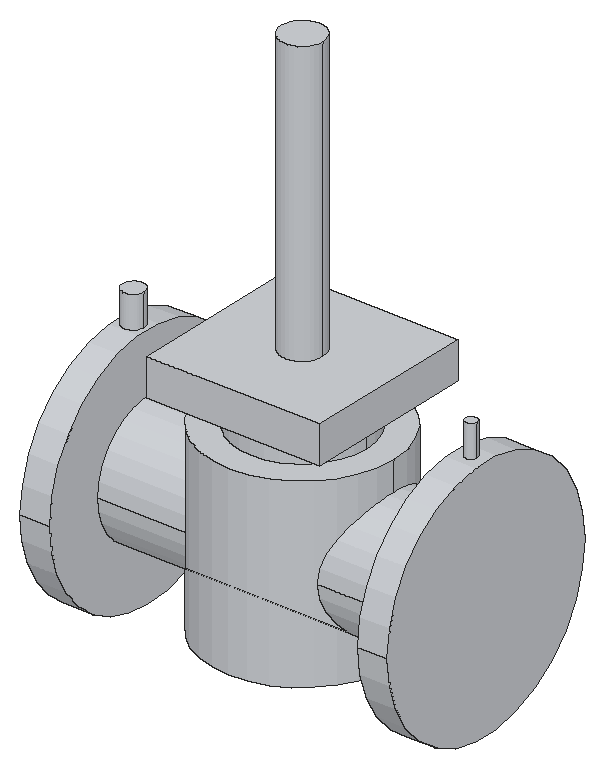
Revit family "OPTIMA_Compact_FLANGE_PN16_DN100-LF_RFA_2019", category Pipe Accessories, Revit 2019
Family settings
  Round Connector Dimension = Use Diameter
  Part Type = Valve - Breaks Into
  Work Plane-Based = No
  Always vertical = Yes
  Cut with Voids When Loaded = No
  Shared = No
Parameters (values of type "Optima Compact Flange PN16 DN100 LF")
  magiProductId = "Frese Optima Flange DN100 LF"
  magiProductFamilyId = "Frese Optima Flange *"
  magiPartTypeId = 304
  isMeasuringValve [instance] = no
  ang2D [instance] = 0.00°
  W2D = 50 mm
  VersionID = "2.0/2018.8.28.1/FRESE_OPTIMA_FLANGE_Q13_002"
  Use Minimum Symbol Size [instance] = yes
  URL = "www.hydronic.cz"
  Type Comments = "Přírubový; PN16; 0~120°C, s měřením"
  R4 = 61.25 mm
  R3 = 61.1 mm
  R1 = 87.5 mm
  QmdConnectorList = "301;D;302;D"
  Productdata [instance] = ""
  Manufacturer = "Hydronic Systems Prague s.r.o."
  MC Product Code = "53-1203 (DN100 LF; 40mm; pohon min 1000N; Qmin-dpmin 12100l/h-20.0kPa; Qmax-dpmin 68000l/h-35.0kPa; dpmax 800kPa)"
  MC Piping Given Pressure Drop [instance] = 0.0 Pa
  LF__ve = -LF  # -28 mm
  LF2 = 14 mm
  LF = 28 mm
  L4 = 164.5 mm
  L3 = 294 mm
  L2D_Min = 3048 mm
  L2D = 230 mm
  L2 = 175 mm
  H6 = 268.75 mm
  H4 = 35.25 mm
  H3 = 29.375 mm
  H2 = 88.125 mm
  H1 = 176.25 mm
  Description = "Tlakově nezávislý 2-cestný regulační vyvažovací ventil (PICV)"
  DF2 = 117.5 mm
  D = 100 mm
  CAT0 = yes
Types (14, lengths in mm): name | magiProductId | magiProductFamilyId | W2D | Type Comments | R4 | R3 | R1 | MC Product Code | LF__ve | LF2 | LF | L4 | L3 | L2D | L2 | H6 | H4 | H3 | H2 | H1 | DF2 | D
  Optima Compact Flange PN16 DN050 LF | "Frese Optima Flange DN050 LF" | "Frese Optima Flange *" | 50 | "Přírubový; PN16; 0~120°C, s měřením" | 40.3 | 42.9 | 57.5 | "53-1200 (DN50 LF; 20mm; pohon min 1000N; Qmin-dpmin 2500l/h-6.5kPa; Qmax-dpmin 15000l/h-20.0kPa; dpmax 800kPa)" | -18.4 | 9.2 | 18.4 | 108.1 | 193.2 | 230 | 115 | 157.3 | 24.8 | 20.6 | 61.9 | 123.8 | 82.5 | 50
  Optima Compact Flange PN16 DN050 HF | "Frese Optima Flange DN050 HF" | "Frese Optima Flange *" | 50 | "Přírubový; PN16; 0~120°C, s měřením" | 40.25 | 42.9 | 57.5 | "53-1210 (DN50 HF; 20mm; pohon min 1000N; Qmin-dpmin 3900l/h-19.0kPa; Qmax-dpmin 24000l/h-50.0kPa; dpmax 800kPa)" | -18.4 | 9.2 | 18.4 | 108.1 | 193.2 | 230 | 115 | 157.25 | 24.75 | 20.625 | 61.875 | 123.75 | 82.5 | 50
  Optima Compact Flange PN16 DN065 LF | "Frese Optima Flange DN065 LF" | "Frese Optima Flange *" | 50 | "Přírubový; PN16; 0~120°C, s měřením" | 50.75 | 48.1 | 72.5 | "53-1201 (DN65 LF; 20mm; pohon min 1000N; Qmin-dpmin 4400l/h-15.0kPa; Qmax-dpmin 25000l/h-25.0kPa; dpmax 800kPa)" | -23.2 | 11.6 | 23.2 | 136.3 | 243.6 | 230 | 145 | 171.25 | 27.75 | 23.125 | 69.375 | 138.75 | 92.5 | 65
  Optima Compact Flange PN16 DN065 HF | "Frese Optima Flange DN065 HF" | "Frese Optima Flange *" | 50 | "Přírubový; PN16; 0~120°C, s měřením" | 50.75 | 48.1 | 72.5 | "53-1211 (DN65 HF; 20mm; pohon min 1000N; Qmin-dpmin 6000l/h-30.0kPa; Qmax-dpmin 35000l/h-55.0kPa; dpmax 800kPa)" | -23.2 | 11.6 | 23.2 | 136.3 | 243.6 | 230 | 145 | 171.25 | 27.75 | 23.125 | 69.375 | 138.75 | 92.5 | 65
  Optima Compact Flange PN16 DN080 LF | "Frese Optima Flange DN080 LF" | "Frese Optima Flange *" | 50 | "Přírubový; PN16; 0~120°C, s měřením" | 54.25 | 52 | 77.5 | "53-1202 (DN80 LF; 20mm; pohon min 1000N; Qmin-dpmin 5300l/h-16.0kPa; Qmax-dpmin 34000l/h-25.0kPa; dpmax 800kPa)" | -24.8 | 12.4 | 24.8 | 145.7 | 260.4 | 230 | 155 | 183 | 30 | 25 | 75 | 150 | 100 | 80
  Optima Compact Flange PN16 DN080 HF | "Frese Optima Flange DN080 HF" | "Frese Optima Flange *" | 50 | "Přírubový; PN16; 0~120°C, s měřením" | 54.25 | 52 | 77.5 | "53-1212 (DN80 HF; 20mm; pohon min 1000N; Qmin-dpmin 7000l/h-23.0kPa; Qmax-dpmin 43000l/h-50.0kPa; dpmax 800kPa)" | -24.8 | 12.4 | 24.8 | 145.7 | 260.4 | 230 | 155 | 183 | 30 | 25 | 75 | 150 | 100 | 80
  Optima Compact Flange PN16 DN100 LF | "Frese Optima Flange DN100 LF" | "Frese Optima Flange *" | 50 | "Přírubový; PN16; 0~120°C, s měřením" | 61.25 | 61.1 | 87.5 | "53-1203 (DN100 LF; 40mm; pohon min 1000N; Qmin-dpmin 12100l/h-20.0kPa; Qmax-dpmin 68000l/h-35.0kPa; dpmax 800kPa)" | -28 | 14 | 28 | 164.5 | 294 | 230 | 175 | 268.75 | 35.25 | 29.375 | 88.125 | 176.25 | 117.5 | 100
  Optima Compact Flange PN16 DN100 HF | "Frese Optima Flange DN100 HF" | "Frese Optima Flange *" | 50 | "Přírubový; PN16; 0~120°C, s měřením" | 61.25 | 61.1 | 87.5 | "53-1213 (DN100 HF; 40mm; pohon min 1000N; Qmin-dpmin 14800l/h-30.0kPa; Qmax-dpmin 90000l/h-75.0kPa; dpmax 800kPa)" | -28 | 14 | 28 | 164.5 | 294 | 230 | 175 | 268.75 | 35.25 | 29.375 | 88.125 | 176.25 | 117.5 | 100
  Optima Compact Flange PN16 DN125 LF | "Frese Optima Flange DN125 LF" | "Frese Optima Flange *" | 50 | "Přírubový; PN16; 0~120°C, s měřením" | 70 | 70.2 | 100 | "53-1204 (DN125 LF; 40mm; pohon min 1000N; Qmin-dpmin 18500l/h-16.0kPa; Qmax-dpmin 110000l/h-35.0kPa; dpmax 800kPa)" | -32 | 16 | 32 | 188 | 336 | 230 | 200 | 275.5 | 40.5 | 33.75 | 101.25 | 202.5 | 135 | 125
  Optima Compact Flange PN16 DN125 HF | "Frese Optima Flange DN125 HF" | "Frese Optima Flange *" | 50 | "Přírubový; PN16; 0~120°C, s měřením" | 70 | 70.2 | 100 | "53-1214 (DN125 HF; 40mm; pohon min 1000N; Qmin-dpmin 23000l/h-27.0kPa; Qmax-dpmin 135000l/h-53.0kPa; dpmax 800kPa)" | -32 | 16 | 32 | 188 | 336 | 230 | 200 | 275.5 | 40.5 | 33.75 | 101.25 | 202.5 | 135 | 125
  Optima Compact Flange PN16 DN150 LF | "Frese Optima Flange DN150 LF" | "Frese Optima Flange *" | 50 | "Přírubový; PN16; 0~110°C, s měřením" | 84 | 74.1 | 120 | "53-1205 (DN150 LF; 43mm; pohon min 1500N; Qmin-dpmin 25600l/h-21.0kPa; Qmax-dpmin 148000l/h-35.0kPa; dpmax 800kPa)" | -38.4 | 19.2 | 38.4 | 225.6 | 403.2 | 230 | 240 | 279.25 | 42.75 | 35.625 | 106.875 | 213.75 | 142.5 | 150
  Optima Compact Flange PN16 DN150 HF | "Frese Optima Flange DN150 HF" | "Frese Optima Flange *" | 50 | "Přírubový; PN16; 0~110°C, s měřením" | 84 | 74.1 | 120 | "53-1215 (DN150 HF; 43mm; pohon min 1500N; Qmin-dpmin 32000l/h-33.0kPa; Qmax-dpmin 195000l/h-65.0kPa; dpmax 800kPa)" | -38.4 | 19.2 | 38.4 | 225.6 | 403.2 | 230 | 240 | 279.25 | 42.75 | 35.625 | 106.875 | 213.75 | 142.5 | 150
  Optima Compact Flange PN16 DN200 LF | "" | "" | 100 | "Přírubový; PN16; 0~110°C, s měřením" | 164.5 | 98.8 | 235 | "53-1206 (DN200 LF; 43mm; pohon min 1500N; Qmin-dpmin 95000l/h-11.0kPa; Qmax-dpmin 210000l/h-32.0kPa; dpmax 800kPa)" | -48 | 24 | 48 | 282 | 504 | 350 | 300 | 281 | 57 | 15 | 209 | 380 | 190 | 200
  Optima Compact Flange PN16 DN200 HF | "" | "" | 100 | "Přírubový; PN16; 0~110°C, s měřením" | 164.5 | 98.8 | 235 | "53-1216 (DN200 HF; 43mm; pohon min 1500N; Qmin-dpmin 130000l/h-31.0kPa; Qmax-dpmin 280000l/h-78.0kPa; dpmax 800kPa)" | -48 | 24 | 48 | 282 | 504 | 350 | 300 | 281 | 57 | 15 | 209 | 380 | 190 | 200
Reference planes
  plane 1 "Center (Front/Back)": y = 0
  plane 2 "XYPLANE": z = 0
  plane 3 "Center (Left/Right)": x = 0
  plane 4 "157": x = 161
  plane 5 "156": x = -161
  plane 6 "155": z = 117.5
  plane 7 "154": z = 152.75
  plane 8 "153": z = 117.5
  plane 9 "152": z = 88.125
  plane 10 "151": x = -147
  plane 11 "150": z = -88.125
  plane 12 "149": x = 0
  plane 13 "148": y = 0
  plane 14 "147": z = 0
  plane 15 "146": x = -175
  plane 16 "145": x = 175
Forms (mm)
  Extrusion 1, solid, visible <- "CAT0"
    sketch origin (-750, 0, 117.5) x (1, 0, 0) y (0, 1, 0)
      loop
        circle (911, 0) r 5.5
    from 0 to 30
  Extrusion 2, solid, visible <- "CAT0"
    sketch origin (-750, 0, 117.5) x (1, 0, 0) y (0, 1, 0)
      loop
        circle (589, 0) r 10.3
    from 0 to 30
  Extrusion 3, solid, visible <- "CAT0"
    sketch origin (-750, 0, 152.75) x (1, 0, 0) y (0, 1, 0)
      loop
        circle (750, 0) r 20
    from 0 to 268.75 <- "H6"
  Extrusion 4, solid, visible <- "CAT0"
    sketch origin (-750, 0, 117.5) x (1, 0, 0) y (0, 1, 0)
      loop
        line (832.25, 82.25) -> (667.75, 82.25) -> (667.75, -82.25) -> (832.25, -82.25) -> (832.25, 82.25)
    from 0 to 35.25 <- "H4"
  Extrusion 5, solid, visible <- "CAT0"
    sketch origin (-750, 0, 88.125) x (1, 0, 0) y (0, 1, 0)
      loop
        circle (750, 0) r 61.25
    from 0 to 29.375 <- "H3"
  Extrusion 6, solid, visible <- "CAT0"
    sketch origin (-147, -750, 0) x (0, 1, 0) y (0, 0, 1)
      loop
        circle (750, 0) r 61.1
    from 0 to 294 <- "L3"
  Extrusion 7, solid, visible <- "CAT0"
    sketch origin (-750, 0, -88.125) x (1, 0, 0) y (0, 1, 0)
      loop
        circle (750, 0) r 87.5
    from 0 to 176.25 <- "H1"
  Extrusion 8, solid, visible <- "CAT0"
    sketch origin (-175, -750, 0) x (0, 1, 0) y (0, 0, 1)
      loop
        circle (750, 0) r 117.5
    from 0 to 28 <- "LF"
  Extrusion 9, solid, visible <- "CAT0"
    sketch origin (175, -750, 0) x (0, 1, 0) y (0, 0, 1)
      loop
        circle (750, 0) r 117.5
    from 0 to -28 <- "LF__ve"
  Extrusion 10, solid, not visible
    sketch origin (-175, -750, 0) x (0, 1, 0) y (0, 0, 1)
      loop
        circle (750, 0) r 10
    from 0 to 10
  Extrusion 11, solid, not visible
    sketch origin (175, -750, 0) x (0, 1, 0) y (0, 0, 1)
      loop
        circle (750, 0) r 10
    from 0 to -10
Lines and regions (mm)
  reference lines, not visible
    curve 1: circle (2, 2, 0) r 1 normal (0, 0, 1)
  reference lines
    curve 2: circle (0, 0, 117.5) r 1 normal (0, 0, 1)
Dimensions and locks
  plane 1 "Center (Front/Back)" to curve 1 = 2 mm
  "LF2": plane 16 "145" to plane 4 "157"
  "LF2": plane 15 "146" to plane 5 "156"
  "DF2": plane 2 "XYPLANE" to plane 6 "155"
  "H4": plane 8 "153" to plane 7 "154"
  "H3": plane 9 "152" to plane 8 "153"
  "H1": plane 11 "150" to plane 9 "152"
  "LF": plane 15 "146" to plane 10 "151"
  "H2": plane 2 "XYPLANE" to plane 11 "150"
  locked: plane 3 "Center (Left/Right)" to plane 12 "149"
  locked: plane 1 "Center (Front/Back)" to plane 13 "148"
  locked: plane 2 "XYPLANE" to plane 14 "147"
  "L2": plane 3 "Center (Left/Right)" to plane 15 "146"
  "L2": plane 3 "Center (Left/Right)" to plane 16 "145"
  equal spacing: Extrusion 4 sketch curve, curve 2, Extrusion 4 sketch curve  (x2)
  "L4": Extrusion 4 sketch curve to Extrusion 4 sketch curve  (x2)
  Extrusion 4 sketch curve to Extrusion 4 sketch curve = 0 mm  (x8)
  "R4": radius of Extrusion 5 sketch curve
  "R3": radius of Extrusion 6 sketch curve
  "R1": radius of Extrusion 7 sketch curve
  "DF2": radius of Extrusion 8 sketch curve
  "DF2": radius of Extrusion 9 sketch curve
  aligned and locked: level to plane 2 "XYPLANE"
  aligned and locked: plane 4 "157" to Extrusion 1 sketch curve
  aligned and locked: plane 13 "148" to Extrusion 1 sketch curve
  aligned and locked: plane 5 "156" to Extrusion 2 sketch curve
  aligned and locked: plane 13 "148" to Extrusion 2 sketch curve
  aligned and locked: plane 12 "149" to Extrusion 3 sketch curve
  aligned and locked: plane 13 "148" to Extrusion 3 sketch curve
  aligned and locked: plane 12 "149" to curve 2
  aligned and locked: plane 13 "148" to curve 2
  aligned and locked: plane 12 "149" to Extrusion 5 sketch curve
  aligned and locked: plane 13 "148" to Extrusion 5 sketch curve
  aligned and locked: Extrusion 6 sketch curve to plane 13 "148"
  aligned and locked: plane 14 "147" to Extrusion 6 sketch curve
  aligned and locked: plane 12 "149" to Extrusion 7 sketch curve
  aligned and locked: plane 13 "148" to Extrusion 7 sketch curve
  aligned and locked: Extrusion 8 sketch curve to plane 13 "148"
  aligned and locked: plane 14 "147" to Extrusion 8 sketch curve
  aligned and locked: Extrusion 9 sketch curve to plane 13 "148"
  aligned and locked: plane 14 "147" to Extrusion 9 sketch curve
  aligned and locked: Extrusion 10 sketch curve to plane 13 "148"
  aligned and locked: plane 14 "147" to Extrusion 10 sketch curve
  aligned and locked: Extrusion 11 sketch curve to plane 13 "148"
  aligned and locked: plane 14 "147" to Extrusion 11 sketch curve
Automatic sketch dimensions
  Extrusion 1 sketch curve to plane 4 "157" = 5.5 mm
  plane 15 "146" to Extrusion 2 sketch curve = 3.7 mm
  Extrusion 3 sketch curve to plane 3 "Center (Left/Right)" = 20 mm
  plane 1 "Center (Front/Back)" to Extrusion 10 sketch curve = 10 mm
  plane 1 "Center (Front/Back)" to Extrusion 11 sketch curve = 10 mm
  plane 3 "Center (Left/Right)" to curve 1 = 2 mm
  plane 10 "151" to Extrusion 4 sketch curve = 64.75 mm
  plane 1 "Center (Front/Back)" to Extrusion 4 sketch curve = 82.25 mm
  radius of curve 2 = 1 mm
  radius of curve 1 = 1 mm
Connectors
  piping at (-175, 0, 0), diameter 100, driven by "D"
    settings: on Extrusion 10, index 1, connector inside diameter 609.6 mm, connector length 0 mm, flow factor 0, pipe flow 0.0 L/s, pressure drop 0.0 Pa, fitting loss kfactor 0, connector angle 0.00°, fixture units 0, engagement length 0 mm, angle of deflection 0.00°, flow configuration 0, flow direction 0, fitting loss method 0, system type 29, joint type 0, gender type 0, connector reference index 2, connector utility 0, adjustable connector no, is connector primary yes, connector description ""
  piping at (175, 0, 0), diameter 100, driven by "D"
    settings: on Extrusion 11, index 2, connector inside diameter 609.6 mm, connector length 0 mm, flow factor 0, pipe flow 0.0 L/s, pressure drop 0.0 Pa, fitting loss kfactor 0, connector angle 0.00°, fixture units 0, engagement length 0 mm, angle of deflection 0.00°, flow configuration 0, flow direction 0, fitting loss method 0, system type 29, joint type 0, gender type 0, connector reference index 1, connector utility 0, adjustable connector no, is connector primary no, connector description ""
